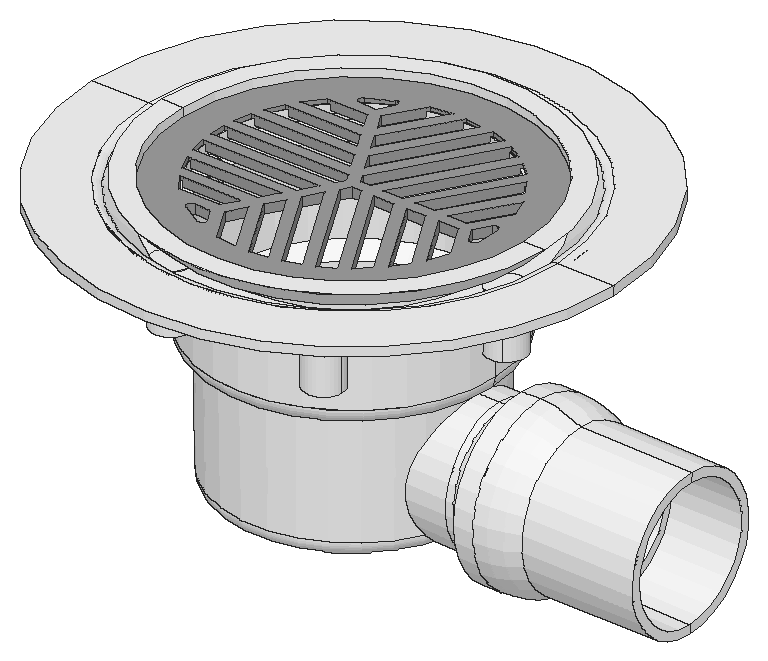
Revit family "3100.164 Down Pipe Junction SE50bf  ", category Plumbing Fixtures, Revit 2020
Family settings
  Round Connector Dimension = Use Diameter
  Part Type = Normal
  OmniClass Number = 23.13.41.39
  Work Plane-Based = No
  Always vertical = Yes
  Cut with Voids When Loaded = No
  Shared = No
  Room Calculation Point = No
Parameters (values of type "3100.164 100x50")
  Waste Connection = yes
  Vent Connection = no
  URL = "www.aquaknight.co.nz"
  Phone = "+6498322214"  # constant formula
  Model = "3100.164"
  Manufacturer = "Aquanight Industries Ltd"  # constant formula
  HW Connection = no
  Email = "info@aquaknight.co.nz"  # constant formula
  Description = "Deck Drain Side Exit 100mm Inlet w 50mm Outlet Big Flange"
  Default Elevation = 0 mm
  Connector Diameter = 80 mm
  CW Connection = no
Reference planes
  plane 1 "Center (Front/Back)": y = 0
  plane 2: z = 0
  plane 3 "Center (Left/Right)": x = 0
  plane 4: through (148.76, -1524, -94.021) normal (-0.0131, 0, -0.9999)
Forms (mm)
  Revolve 1, solid, material "Plastic, Glossy White"
    sketch origin (0, 0, -4) x (1, 0, 0) y (0, 0, 1)
      loop
        line (-78.74, -11.928) -> (-89.863, 0) -> (-105.21, 0) -> (-115, 0) -> (-115, 4) -> (-90.213, 4)
        arc (-90.213, 4) -> (-88.297, 3.602) -> (-86.699, 2.472) r 4.804
        line (-86.699, 2.472) -> (-75.069, -10) -> (-75.069, -12.5) -> (-59.466, -12.5) -> (-58.801, -50.552) -> (-51.372, -55.377) -> (-50.394, -111.396) -> (0, -112.715) -> (0, -116.717) -> (-27.732, -115.99)
        spline (-27.732, -115.99) -> (-30.796, -115.933) -> (-33.904, -115.888) -> (-37.003, -115.82) -> (-40.029, -115.687) -> (-42.923, -115.449) -> (-45.625, -115.066) -> (-48.076, -114.499) -> (-50.216, -113.708) -> (-51.984, -112.653) -> (-53.321, -111.294) -> (-54.168, -109.59) -> (-54.463, -107.503)
        line (-54.463, -107.503) -> (-55.336, -57.488)
        arc (-55.336, -57.488) -> (-60.551, -55.594) -> (-62.75, -50.5) r 7
        line (-62.75, -50.5) -> (-62.75, -19.5) -> (-74.07, -19.5)
        arc (-74.07, -19.5) -> (-76.898, -18.328) -> (-78.07, -15.5) r 4
        line (-78.07, -15.5) -> (-78.07, -13.768)
        arc (-78.07, -13.768) -> (-78.244, -12.852) -> (-78.742, -12.063) r 2.5
      loop
        line (-84.5, 7.5) -> (-75.5, -1.5) -> (-59.25, -1.5) -> (-59.25, 2.5) -> (-75.25, 2.5) -> (-75.25, 7.5) -> (-84.5, 7.5)
      axis (0, 7.5) -> (0, -116.717)
    angle from 0 to 360
  Extrusion 2, solid, material "Plastic, Glossy White", detail levels fine
    sketch origin (0, 0, -4) x (1, 0, 0) y (0, 1, 0)
      loop
        circle (67.55, 0) r 8.2
      loop
        circle (33.775, 58.5) r 8.2
      loop
        circle (33.775, -58.5) r 8.2
      loop
        circle (-67.55, 0) r 8.2
      loop
        circle (-33.775, 58.5) r 8.2
      loop
        circle (-33.775, -58.5) r 8.2
    from -38.379 to -12.5
  Extrusion 3, solid, material "Stainless Steel", detail levels medium+fine
    sketch origin (0, -279.02, 0) x (1, 0, 0) y (0, 1, 0)
      loop
        circle (0, 279.02) r 75.25
      loop
        line (-50.011, 312.17) -> (-21.91, 312.17) -> (-26.241, 319.67) -> (-44.131, 319.67)
        arc (-44.131, 319.67) -> (-47.22, 316.037) -> (-50.011, 312.17) r 60
      loop
        line (-19.139, 307.37) -> (-52.88, 307.37)
        arc (-52.88, 307.37) -> (-54.699, 303.678) -> (-56.261, 299.87) r 60
        line (-56.261, 299.87) -> (-14.809, 299.87) -> (-19.139, 307.37)
      loop
        line (-12.038, 295.07) -> (-57.813, 295.07)
        arc (-57.813, 295.07) -> (-58.72, 291.345) -> (-59.388, 287.57) r 60
        line (-59.388, 287.57) -> (-7.708, 287.57) -> (-12.038, 295.07)
      loop
        arc (-50.011, 245.87) -> (-47.22, 242.003) -> (-44.131, 238.37) r 60
        line (-44.131, 238.37) -> (-26.241, 238.37) -> (-21.91, 245.87) -> (-50.011, 245.87)
      loop
        line (-19.139, 250.67) -> (-14.809, 258.17) -> (-56.261, 258.17)
        arc (-56.261, 258.17) -> (-54.699, 254.362) -> (-52.88, 250.67) r 60
        line (-52.88, 250.67) -> (-19.139, 250.67)
      loop
        line (-12.038, 262.97) -> (-7.708, 270.47) -> (-59.388, 270.47)
        arc (-59.388, 270.47) -> (-58.72, 266.695) -> (-57.813, 262.97) r 60
        line (-57.813, 262.97) -> (-12.038, 262.97)
      loop
        line (-4.936, 282.77) -> (-59.883, 282.77)
        arc (-59.883, 282.77) -> (-60, 279.02) -> (-59.883, 275.27) r 60
        line (-59.883, 275.27) -> (-4.936, 275.27) -> (-2.771, 279.02) -> (-4.936, 282.77)
      loop
        line (-3.703, 219.134) -> (-17.754, 243.47) -> (-22.084, 235.97) -> (-13.138, 220.476)
        arc (-13.138, 220.476) -> (-8.447, 219.618) -> (-3.703, 219.134) r 60
      loop
        line (-14.982, 248.27) -> (1.888, 219.05)
        arc (1.888, 219.05) -> (5.995, 219.32) -> (10.074, 219.872) r 60
        line (10.074, 219.872) -> (-10.652, 255.77) -> (-14.982, 248.27)
      loop
        line (-7.881, 260.57) -> (15.007, 220.927)
        arc (15.007, 220.927) -> (18.686, 222.004) -> (22.289, 223.314) r 60
        line (22.289, 223.314) -> (-3.551, 268.07) -> (-7.881, 260.57)
      loop
        arc (53.714, 252.284) -> (55.668, 256.635) -> (57.27, 261.126) r 60
        line (57.27, 261.126) -> (48.324, 276.62) -> (39.664, 276.62) -> (53.714, 252.284)
      loop
        line (34.121, 276.62) -> (25.461, 276.62) -> (46.187, 240.722)
        arc (46.187, 240.722) -> (48.704, 243.978) -> (50.992, 247.4) r 60
        line (50.992, 247.4) -> (34.121, 276.62)
      loop
        line (19.919, 276.62) -> (11.258, 276.62) -> (37.098, 231.864)
        arc (37.098, 231.864) -> (40.034, 234.329) -> (42.806, 236.977) r 60
        line (42.806, 236.977) -> (19.919, 276.62)
      loop
        line (-0.779, 272.87) -> (26.694, 225.285)
        arc (26.694, 225.285) -> (30, 227.059) -> (33.189, 229.035) r 60
        line (33.189, 229.035) -> (5.716, 276.62) -> (1.386, 276.62) -> (-0.779, 272.87)
      loop
        arc (-3.703, 338.906) -> (-8.447, 338.422) -> (-13.138, 337.564) r 60
        line (-13.138, 337.564) -> (-22.084, 322.07) -> (-17.754, 314.57) -> (-3.703, 338.906)
      loop
        line (-14.982, 309.77) -> (-10.652, 302.27) -> (10.074, 338.168)
        arc (10.074, 338.168) -> (5.995, 338.72) -> (1.888, 338.99) r 60
        line (1.888, 338.99) -> (-14.982, 309.77)
      loop
        line (-7.881, 297.47) -> (-3.551, 289.97) -> (22.289, 334.726)
        arc (22.289, 334.726) -> (18.686, 336.036) -> (15.007, 337.113) r 60
        line (15.007, 337.113) -> (-7.881, 297.47)
      loop
        line (53.714, 305.756) -> (39.664, 281.42) -> (48.324, 281.42) -> (57.27, 296.914)
        arc (57.27, 296.914) -> (55.668, 301.405) -> (53.714, 305.756) r 60
      loop
        line (34.121, 281.42) -> (50.992, 310.64)
        arc (50.992, 310.64) -> (48.704, 314.062) -> (46.187, 317.318) r 60
        line (46.187, 317.318) -> (25.461, 281.42) -> (34.121, 281.42)
      loop
        line (19.919, 281.42) -> (42.806, 321.063)
        arc (42.806, 321.063) -> (40.034, 323.711) -> (37.098, 326.176) r 60
        line (37.098, 326.176) -> (11.258, 281.42) -> (19.919, 281.42)
      loop
        line (-0.779, 285.17) -> (1.386, 281.42) -> (5.716, 281.42) -> (33.189, 329.005)
        arc (33.189, 329.005) -> (30, 330.982) -> (26.694, 332.755) r 60
        line (26.694, 332.755) -> (-0.779, 285.17)
      loop
        line (56.038, 285.181) -> (52.481, 279.02) -> (56.038, 272.86)
        arc (56.038, 272.86) -> (58.201, 271.907) -> (59.762, 273.682) r 2
        arc (59.762, 273.682) -> (60, 279.02) -> (59.762, 284.359) r 60
        arc (59.762, 284.359) -> (58.201, 286.134) -> (56.038, 285.181) r 2
      loop
        line (-22.684, 227.41) -> (-26.241, 233.57) -> (-33.354, 233.57)
        arc (-33.354, 233.57) -> (-35.261, 232.173) -> (-34.504, 229.934) r 2
        arc (-34.504, 229.934) -> (-30, 227.059) -> (-25.258, 224.595) r 60
        arc (-25.258, 224.595) -> (-22.94, 225.06) -> (-22.684, 227.41) r 2
      loop
        arc (-22.684, 330.631) -> (-22.94, 332.98) -> (-25.258, 333.445) r 2
        arc (-25.258, 333.445) -> (-30, 330.982) -> (-34.504, 328.106) r 60
        arc (-34.504, 328.106) -> (-35.261, 325.867) -> (-33.354, 324.47) r 2
        line (-33.354, 324.47) -> (-26.241, 324.47) -> (-22.684, 330.631)
    from -4 to 0
  Revolve 4, solid, material "Plastic, Glossy White"
    sketch origin (0, 0, 0) x (1, 0, 0) y (0, 0, 1)
      loop
        line (74.982, -125.525) -> (73.544, -126.699) -> (73.501, -130.039) -> (81.81, -130.148)
        arc (81.81, -130.148) -> (91.012, -129.109) -> (99.668, -125.818) r 37
        line (99.668, -125.818) -> (148.341, -126.031) -> (148.39, -122.289) -> (117.403, -121.49) -> (117.444, -118.336) -> (112.446, -118.123) -> (112.466, -116.623) -> (105.581, -116.533)
        arc (105.581, -116.533) -> (103.989, -118.018) -> (102.302, -119.394) r 33
        line (102.302, -119.394) -> (0, -116.715) -> (0, -120.717) -> (27.249, -121.43) -> (64.057, -122.394) -> (67.003, -122.394)
        arc (67.003, -122.394) -> (70.939, -124.097) -> (74.982, -125.525) r 62.361
      axis (0.323, -92.078) -> (148.76, -94.021)
    angle from 0 to 360
Lines and regions (mm)
  Masking region 1
    outline origin (0, 0, 0) x (1, 0, 0) y (0, 1, 0)
      loop
        circle (0, 0) r 115
  model lines, detail levels fine
    curve 1: circle (53.5, 92.665, 0) r 4.5 normal (0, 0, 1)
    curve 2: circle (107, 0, 0) r 4.5 normal (0, 0, -1)
    curve 3: circle (53.5, -92.665, 0) r 4.5 normal (0, 0, -1)
    curve 4: circle (-53.5, 92.665, 0) r 4.5 normal (0, 0, -1)
    curve 5: circle (-107, 0, 0) r 4.5 normal (0, 0, 1)
    curve 6: circle (-53.5, -92.665, 0) r 4.5 normal (0, 0, 1)
    curve 8: circle (53.5, 92.665, 0) r 4.5 normal (0, 0, 1)
  symbolic lines
    curve 7: line (148.371, 0, -123.77) -> (149.15, 0, -64.271)
  symbolic lines, detail levels fine
    curve 9: circle (-53.5, 92.665, 0) r 4.5 normal (0, 0, -1)
    curve 10: circle (53.5, 92.665, 0) r 4.5 normal (0, 0, 1)
    curve 11: circle (-107, 0, 0) r 4.5 normal (0, 0, 1)
    curve 12: circle (-53.5, -92.665, 0) r 4.5 normal (0, 0, 1)
    curve 13: circle (53.5, -92.665, 0) r 4.5 normal (0, 0, -1)
    curve 14: circle (107, 0, 0) r 4.5 normal (0, 0, -1)
  symbolic lines, detail levels medium+fine
    curve 15: circle (0, 0, 0) r 89.863 normal (0, 0, 1)
    curve 16: circle (0, 0, 0) r 84.5 normal (0, 0, 1)
    curve 17: circle (0, 0, 0) r 60 normal (0, 0, 1)
Dimensions and locks
  aligned and locked: level to plane 2
  aligned and locked: Revolve 4 sketch curve to plane 4
  aligned and locked: curve 9 to curve 4
  aligned and locked: curve 10 to curve 8
  aligned and locked: curve 11 to curve 5
  aligned and locked: curve 12 to curve 6
  aligned and locked: curve 13 to curve 3
  aligned and locked: curve 14 to curve 2
Connectors
  piping at (117.768, 0, -93.615), diameter 50
    settings: on Revolve 4, index 1, connector inside diameter 609.6 mm, connector length 0 mm, flow factor 0, pipe flow 0.0 L/s, pressure drop 0.0 Pa, fitting loss kfactor 0, connector angle 0.00°, fixture units 0, engagement length 0 mm, angle of deflection 0.00°, flow configuration 0, flow direction 0, fitting loss method 0, system type 28, joint type 0, gender type 0, connector reference index -1, connector utility 0, adjustable connector no, is connector primary yes, connector description ""
